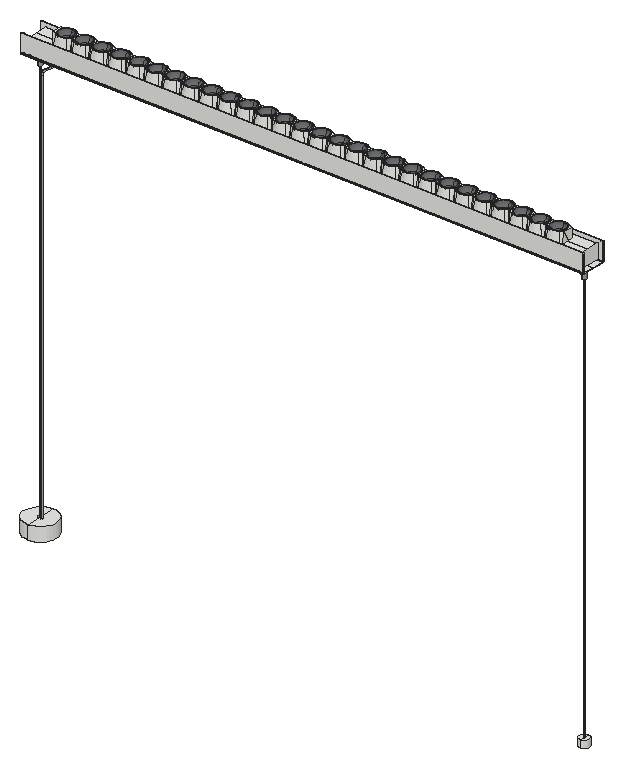
Revit family "Zumtobel IZURA", category Lighting Fixtures, host Face, Revit 2023
Family settings
  Host = Face
  Round Connector Dimension = Use Diameter
  Part Type = Normal
  Cut with Voids When Loaded = No
  Light Source = No
  Maintain Annotation Orientation = No
  Shared = No
  Room Calculation Point = Yes
Parameters (values of type "IZU D/I 10k-935 L12 LDE WH GWHD HWHD")
  URL = "https://www.zumtobel.com/com-en/products/product_popup.html?70512803"
  Type Image = IZURA-White-White.jpg
  Suspension Kit White = yes
  Suspension Kit Silver = no
  Suspension Kit Bronze = no
  Suspension Kit Black = no
  Suspension Height [instance] = 1000 mm
  SELECT SUSPENSION KIT COLOR = "SELECT SUSPENSION KIT COLOR"  # constant formula
  SELECT PLASTIC SHADES COLOR = "SELECT PLASTIC SHADES COLOR"  # constant formula
  SELECT HOUSING MATERIALS = "SELECT HOUSING MATERIALS"  # constant formula
  SELECT HOUSING LENGTH = "SELECT HOUSING LENGTH"  # constant formula
  SELECT GEARTRAY COLOR = "SELECT GEARTRAY COLOR"  # constant formula
  Power Factor = 0.99
  Plastic Shades White = yes
  Plastic Shades Black = no
  Offset [instance] = if(Suspension Height < 200 mm, 200 mm, if(Suspension Height > 3000 mm, 3000 mm, Suspension Height))  # 1000 mm
  Model = "70512803"
  Material Housing Cover Outer = Zumtobel-Aluminium-RAL 9003-Signal White
  Material Housing Cover Inner = Zumtobel-Aluminium-RAL 9003-Signal White
  Manufacturer = "Zumtobel Lighting"  # constant formula
  Luminaire Width = 56 mm  # constant formula
  Luminaire Length = if(Housing L12, 1233 mm, if(Housing L15, 1513 mm, 1233 mm))  # 1233 mm
  Luminaire Height = 56 mm  # constant formula
  Light Source Indirect = Zumtobel-Light Source-IZURA : 10k-935-IND
  Light Source Direct = Zumtobel-Light Source-IZURA : 10k-935-DIR
  Housing L15 = no
  Housing L12 = yes
  Geartray White = yes
  Geartray Black = no
  Description = "Pendant Luminaire"  # constant formula
  Default Elevation = 0 mm  # constant formula
  Assembly Code = "Pr_70_70_48_62"
  Apparent Load = 68.9 VA
Reference planes
  plane 1 "Center (Front/Back)": y = 0
  plane 2: z = 0
  plane 3 "Center (Left/Right)": x = 0
  plane 4: x = -616.5
  plane 5: x = 616.5
  plane 6: y = 28
  plane 7: y = -28
  plane 8: z = 1000
Lines and regions (mm)
  model lines, style "InvisibleLines"
    curve 1: line (-616.5, 250, 0) -> (-616.5, -250, 0)
    curve 2: line (616.5, 250, 0) -> (616.5, -250, 0)
Dimensions and locks
  equal spacing: plane 4, plane 3 "Center (Left/Right)", plane 5
  "Luminaire Length": plane 4 to plane 5
  equal spacing: plane 7, plane 1 "Center (Front/Back)", plane 6
  "Luminaire Width": plane 7 to plane 6
  "Offset": plane 8 to level
  aligned and locked: plane 2 to host face
  aligned and locked: level to host face
  aligned and locked: plane 3 "Center (Left/Right)" to nested 1
  aligned and locked: plane 1 "Center (Front/Back)" to nested 1
  aligned and locked: nested 1 to plane 8
  aligned and locked: plane 3 "Center (Left/Right)" to nested 3
  aligned and locked: plane 3 "Center (Left/Right)" to nested 4
  aligned and locked: plane 1 "Center (Front/Back)" to nested 4
  aligned and locked: plane 1 "Center (Front/Back)" to nested 3
  aligned and locked: plane 3 "Center (Left/Right)" to nested 5
  aligned and locked: plane 1 "Center (Front/Back)" to nested 5
  aligned and locked: curve 1 to plane 4
  aligned and locked: plane 5 to curve 2
Automatic sketch dimensions
  host sketch curve to host sketch curve = 2438.4 mm  (x2)
  plane 7 to curve 1 = 222 mm
  plane 7 to curve 2 = 222 mm
  plane 6 to curve 2 = 222 mm
  plane 6 to curve 1 = 222 mm
Nested families
  nested 1: "ZG-Zumtobel-Parts-IZURA-Housing" at (0, 0, 944) x (1, 0, 0) z (0, 0, -1), Material Housing Cover Outer <- "Material Housing Cover Outer", Material Housing Cover Inner <- "Material Housing Cover Inner", Geartray Black <- "Geartray Black", Geartray White <- "Geartray White", Plastic Shades Black <- "Plastic Shades Black", Plastic Shades White <- "Plastic Shades White", Suspension Kit Black <- "Suspension Kit Black", Suspension Kit Bronze <- "Suspension Kit Bronze", Suspension Kit Silver <- "Suspension Kit Silver", Suspension Kit White <- "Suspension Kit White", Suspension Height <- "Offset", Housing S <- "Housing L12", Housing M <- "Housing L15", type "00"
    with Visibility Geartray White yes, Visibility Geartray Black no, Type Plastic White none, Type Plastic Shades none, Type Plastic Black none, Suspension Kit White 3 Zumtobel IZURA Suspension Kit : SUSP KIT FEED 5X1,50 ASQ3 WH, Suspension Kit White 1 Zumtobel IZURA Suspension Kit : SUSP KIT FEED 5X1,50 ASQ1 WH, Suspension Kit White yes, Suspension Kit Silver 3 Zumtobel IZURA Suspension Kit : SUSP KIT FEED 5X1,50 ASQ3 SR, Suspension Kit Silver 1 Zumtobel IZURA Suspension Kit : SUSP KIT FEED 5X1,50 ASQ1 SR, Suspension Kit Silver no, Suspension Kit Bronze 3 Zumtobel IZURA Suspension Kit : SUSP KIT FEED 5X1,50 ASQ3 BZ, Suspension Kit Bronze 1 Zumtobel IZURA Suspension Kit : SUSP KIT FEED 5X1,50 ASQ1 BZ, Suspension Kit Bronze no, Suspension Kit Black 3 Zumtobel IZURA Suspension Kit : SUSP KIT FEED 5X1,50 ASQ3 BK, Suspension Kit Black 1 Zumtobel IZURA Suspension Kit : SUSP KIT FEED 5X1,50 ASQ1 BK, Suspension Kit Black no, Suspension Kit 3 Zumtobel IZURA Suspension Kit : SUSP KIT FEED 5X1,50 ASQ3 WH, Suspension Kit 1 Zumtobel IZURA Suspension Kit : SUSP KIT FEED 5X1,50 ASQ1 WH, Suspension Kit Zumtobel IZURA Suspension Kit : SUSP KIT FEED 5X1,50 ASQ1 WH, Suspension Height 1000 mm, Plastic Shades White yes, Plastic Shades Black no, Offset Suspension 944 mm, Offset 1000 mm, Material Housing Cover Outer Zumtobel-Aluminium-RAL 9003-Signal White, Material Housing Cover Inner Zumtobel-Aluminium-RAL 9003-Signal White, Housing S yes, Housing M no, H 1120 mm, Geartray White yes, Geartray Black no, Count 28, C 56 mm, B 56 mm, A 1233 mm
  nested 2: "Zumtobel IZURA Suspension Kit" at (-596.5, 0, 0) x (1, 0, 0) z (0, 0, -1), type "SUSP KIT FEED 5X1,50 ASQ1 WH"
    with Housing S yes, Housing M no, E 1193 mm, D 944 mm, B 70 mm, A 1233 mm
  nested 3: "Zumtobel-Light Source-IZURA" at (0, 0, 944) x (1, 0, 0) z (0, 0, -1), type <- "Light Source Indirect", type "10k-935-IND"
  nested 4: "Zumtobel-Light Source-IZURA" at (0, 0, 1000) x (1, 0, 0) z (0, 0, -1), type <- "Light Source Direct", type "10k-935-DIR"
  nested 5: "Zumtobel-Detail Items-IZURA" at (0, 0, 0), Housing S <- "Housing L12", Housing M <- "Housing L15", Geartray Black <- "Geartray Black", Geartray White <- "Geartray White", type "00"
    with Visibility Geartray White yes, Visibility Geartray Black no, Housing S yes, Housing M no, Geartray White yes, Geartray Black no, Count 28, A 1233 mm
Connectors
  electrical at (-596.5, 0, 0), driven by "Apparent Load", driven by "Power Factor"
    settings: on nested 2, index 1, voltage 230 V, apparent load 68.9 VA, apparent load phase1 0 VA, apparent load phase2 0 VA, apparent load phase3 0 VA, power factor 0.99, load classification "Lighting", number of poles 1, system type 30, power factor state 1, is connector primary yes, connector utility no, sub classification motor no, connector description ""
Definition of nested family "ZG-Zumtobel-Parts-IZURA-Housing"
  Parameters (values of type "00")
    Visibility Geartray White [instance] = and(not(Geartray Black), Geartray White)  # no
    Visibility Geartray Black [instance] = not(Visibility Geartray White)  # yes
    Type Plastic White [instance] = ZG-Zumtobel-Parts-IZURA-Reflector : White
    Type Plastic Shades [instance] = if(Plastic Shades Black, Type Plastic Black, if(Plastic Shades White, Type Plastic White, Type Plastic Black))  # ZG-Zumtobel-Parts-IZURA-Reflector : Black
    Type Plastic Black [instance] = ZG-Zumtobel-Parts-IZURA-Reflector : Black
    Suspension Kit White 3 [instance] = Zumtobel IZURA Suspension Kit : SUSP KIT FEED 5X1,50 ASQ3 WH
    Suspension Kit White 1 [instance] = Zumtobel IZURA Suspension Kit : SUSP KIT FEED 5X1,50 ASQ1 WH
    Suspension Kit White [instance] = no
    Suspension Kit Silver 3 [instance] = Zumtobel IZURA Suspension Kit : SUSP KIT FEED 5X1,50 ASQ3 SR
    Suspension Kit Silver 1 [instance] = Zumtobel IZURA Suspension Kit : SUSP KIT FEED 5X1,50 ASQ1 SR
    Suspension Kit Silver [instance] = no
    Suspension Kit Bronze 3 [instance] = Zumtobel IZURA Suspension Kit : SUSP KIT FEED 5X1,50 ASQ3 BZ
    Suspension Kit Bronze 1 [instance] = Zumtobel IZURA Suspension Kit : SUSP KIT FEED 5X1,50 ASQ1 BZ
    Suspension Kit Bronze [instance] = no
    Suspension Kit Black 3 [instance] = Zumtobel IZURA Suspension Kit : SUSP KIT FEED 5X1,50 ASQ3 BK
    Suspension Kit Black 1 [instance] = Zumtobel IZURA Suspension Kit : SUSP KIT FEED 5X1,50 ASQ1 BK
    Suspension Kit Black [instance] = no
    Suspension Kit 3 [instance] = if(Suspension Kit Black, Suspension Kit Black 3, if(Suspension Kit Bronze, Suspension Kit Bronze 3, if(Suspension Kit Silver, Suspension Kit Silver 3, if(Suspension Kit White, Suspension Kit White 3, Suspension Kit Black 3))))  # Zumtobel IZURA Suspension Kit : SUSP KIT FEED 5X1,50 ASQ3 BK
    Suspension Kit 1 [instance] = if(Suspension Kit Black, Suspension Kit Black 1, if(Suspension Kit Bronze, Suspension Kit Bronze 1, if(Suspension Kit Silver, Suspension Kit Silver 1, if(Suspension Kit White, Suspension Kit White 1, Suspension Kit Black 1))))  # Zumtobel IZURA Suspension Kit : SUSP KIT FEED 5X1,50 ASQ1 BK
    Suspension Kit [instance] = if(Suspension Height > 1000 mm, Suspension Kit 3, Suspension Kit 1)  # Zumtobel IZURA Suspension Kit : SUSP KIT FEED 5X1,50 ASQ1 BK
    Suspension Height [instance] = 500 mm
    Plastic Shades White [instance] = no
    Offset Suspension [instance] = Offset - 56 mm  # 444 mm
    Offset [instance] = if(Suspension Height < 200 mm, 200 mm, if(Suspension Height > 3000 mm, 3000 mm, Suspension Height))  # 500 mm
    Plastic Shades Black [instance] = no
    Geartray White [instance] = no
    Geartray Black [instance] = no
    Housing M [instance] = no
    Housing S [instance] = yes
    Material Housing Cover Outer [instance] = none
    Material Housing Cover Inner [instance] = none
    Manufacturer = "Zumtobel Lighting"  # constant formula
    H [instance] = if(Housing S, 1120 mm, if(Housing M, 1400 mm, 1120 mm))  # 1120 mm
    E = 1010 mm  # constant formula
    Default Elevation = 0 mm
    D = 42 mm  # constant formula
    Count [instance] = if(Housing S, 28, if(Housing M, 35, 28))  # 28
    C [instance] = 56 mm  # constant formula
    B [instance] = 56 mm  # constant formula
    A [instance] = if(Housing S, 1233 mm, if(Housing M, 1513 mm, 1233 mm))  # 1233 mm
  Reference planes
    plane 1 "Center (Front/Back)": y = 0
    plane 2: z = 0
    plane 3 "Center (Left/Right)": x = 0
    plane 4: x = -616.5
    plane 5: x = 616.5
    plane 6: z = -56
    plane 7: y = 28
    plane 8: y = -28
    plane 9: z = -42
    plane 10: x = -604.5
    plane 11: x = 604.5
    plane 12: x = -505
    plane 13: x = 505
    plane 14: y = 23
    plane 15: y = -23
    plane 16: x = -560
    plane 17: x = 560
    plane 18: x = -520
    plane 19: x = -596.5
    plane 20: z = 444
  Forms (mm)
    Extrusion 1, solid, visible <- "Visibility Geartray Black"
      sketch origin (0, 0, 0) x (0, 1, 0) y (0, 0, 1)
        loop
          arc (26, -3) -> (25.707, -2.293) -> (25, -2) r 1
          line (25, -2) -> (0, -2) -> (-25, -2)
          arc (-25, -2) -> (-25.707, -2.293) -> (-26, -3) r 1
          line (-26, -3) -> (-26, -33)
          arc (-26, -33) -> (-25.707, -33.707) -> (-25, -34) r 1
          line (-25, -34) -> (0, -34) -> (25, -34)
          arc (25, -34) -> (25.707, -33.707) -> (26, -33) r 1
          line (26, -33) -> (26, -3)
      from -604.5 to 604.5
    Extrusion 2, void
      sketch origin (0, 0, 0) x (1, 0, 0) y (0, 1, 0)
        loop
          line (-505, 23) -> (-505, -23) -> (505, -23) -> (505, 23) -> (-505, 23)
      from 10 to -7
    Extrusion 3, solid, material <- "Material Housing Cover Outer"
      sketch origin (0, 0, 0) x (0, 1, 0) y (0, 0, 1)
        loop
          line (25, 0) -> (0, 0) -> (-25, 0)
          arc (-25, 0) -> (-27.121, -0.879) -> (-28, -3) r 3
          line (-28, -3) -> (-28, -42) -> (-27, -42) -> (-27, -3)
          arc (-27, -3) -> (-26.414, -1.586) -> (-25, -1) r 2
          line (-25, -1) -> (0, -1) -> (25, -1)
          arc (25, -1) -> (26.414, -1.586) -> (27, -3) r 2
          line (27, -3) -> (27, -42) -> (28, -42) -> (28, -3)
          arc (28, -3) -> (27.121, -0.879) -> (25, 0) r 3
      from -616.5 to 616.5
    Extrusion 4, solid, material <- "Material Housing Cover Inner"
      sketch origin (0, 0, 0) x (0, 1, 0) y (0, 0, 1)
        loop
          line (25, -1) -> (0, -1) -> (-25, -1)
          arc (-25, -1) -> (-26.414, -1.586) -> (-27, -3) r 2
          line (-27, -3) -> (-27, -42) -> (-26, -42) -> (-26, -3)
          arc (-26, -3) -> (-25.707, -2.293) -> (-25, -2) r 1
          line (-25, -2) -> (0, -2) -> (25, -2)
          arc (25, -2) -> (25.707, -2.293) -> (26, -3) r 1
          line (26, -3) -> (26, -42) -> (27, -42) -> (27, -3)
          arc (27, -3) -> (26.414, -1.586) -> (25, -1) r 2
      from -616.5 to 616.5
    Extrusion 5, void
      sketch origin (0, 0, 0) x (1, 0, 0) y (0, 1, 0)
        loop
          line (-505, 23) -> (-505, -23) -> (505, -23) -> (505, 23) -> (-505, 23)
      from 10 to -50
    Sweep 6, solid, material <- "Material Housing Cover Outer"
      path origin (0, 0, 0) x (1, 0, 0) y (0, 1, 0)
        loop
          line (-505, 23) -> (-505, -23) -> (505, -23) -> (505, 23) -> (-505, 23)
      profile origin (0, 23, 0) x (0, 1, 0) y (0, 0, 1)
        loop
          line (0, 0) -> (-1, 0) -> (-1, -5) -> (0, -5) -> (0, 0)
    Extrusion 7, solid, material <- "Material Housing Cover Outer"
      sketch origin (0, 0, 0) x (0, 1, 0) y (0, 0, 1)
        loop
          line (22, 0) -> (16.804, -3) -> (16.804, -5) -> (0, -5) -> (-16.804, -5) -> (-16.804, -3) -> (-22, 0) -> (-22, -5) -> (-23, -5) -> (-23, -7) -> (0, -7) -> (23, -7) -> (23, -5) -> (22, -5) -> (22, 0)
      from -505 to 505
    Extrusion 8, solid
      sketch origin (0, 0, 0) x (0, 1, 0) y (0, 0, 1)
        loop
          line (16.804, -5) -> (16.804, -4) -> (9.644, -4)
          arc (9.644, -4) -> (0, -1) -> (-9.644, -4) r 17
          line (-9.644, -4) -> (-16.804, -4) -> (-16.804, -5) -> (0, -5) -> (16.804, -5)
      from -504 to 504
    Extrusion 9, solid, visible <- "Visibility Geartray White"
      sketch origin (0, 100, 0) x (0, 1, 0) y (0, 0, 1)
        loop
          arc (-74, -3) -> (-74.293, -2.293) -> (-75, -2) r 1
          line (-75, -2) -> (-100, -2) -> (-125, -2)
          arc (-125, -2) -> (-125.707, -2.293) -> (-126, -3) r 1
          line (-126, -3) -> (-126, -33)
          arc (-126, -33) -> (-125.707, -33.707) -> (-125, -34) r 1
          line (-125, -34) -> (-100, -34) -> (-75, -34)
          arc (-75, -34) -> (-74.293, -33.707) -> (-74, -33) r 1
          line (-74, -33) -> (-74, -3)
      from -604.5 to 604.5
  Cuts and joins
    Extrusion 2 cuts Extrusion 1
    Extrusion 5 cuts Extrusion 3
    joined: Extrusion 3, Sweep 6, Extrusion 7
    Extrusion 5 cuts Extrusion 4
    Extrusion 2 cuts Extrusion 9
  Dimensions and locks
    equal spacing: plane 4, plane 3 "Center (Left/Right)", plane 5
    "A": plane 4 to plane 5
    equal spacing: plane 7, plane 1 "Center (Front/Back)", plane 8
    "B": plane 7 to plane 8
    "C": level to plane 6
    "D": level to plane 9
    locked: plane 4 to plane 10 at 12
    locked: plane 5 to plane 11 at 12
    equal spacing: plane 12, plane 3 "Center (Left/Right)", plane 13
    "E": plane 12 to plane 13
    locked: plane 7 to plane 14 at 5
    locked: plane 8 to plane 15 at 5
    equal spacing: plane 16, plane 3 "Center (Left/Right)", plane 17
    "H": plane 16 to plane 17
    locked: plane 16 to plane 18 at 40
    equal spacing: group 1, group 2, group 3, group 4, group 5, group 6, group 7, group 8, group 9, group 10, group 11, group 12, group 13, group 14, group 15, group 16, group 17, group 18, group 19, group 20, group 21, group 22, group 23, group 24, group 25, group 26, group 27, group 28  (x3)
    locked: plane 4 to plane 19 at 20
    "Offset Suspension": plane 20 to level
    aligned and locked: level to plane 2
    aligned and locked: plane 11 to Extrusion 1
    aligned and locked: plane 10 to Extrusion 1
    aligned and locked: Extrusion 2 sketch curve to plane 14
    aligned and locked: plane 12 to Extrusion 2 sketch curve
    aligned and locked: Extrusion 2 sketch curve to plane 15
    aligned and locked: plane 13 to Extrusion 2 sketch curve
    aligned and locked: plane 1 "Center (Front/Back)" to nested 1
    aligned and locked: plane 1 "Center (Front/Back)" to nested 2
    aligned and locked: plane 4 to Extrusion 3
    aligned and locked: plane 4 to Extrusion 4
    aligned and locked: Extrusion 3 to plane 4
    aligned and locked: plane 5 to Extrusion 3
    aligned and locked: plane 5 to Extrusion 4
    aligned and locked: cut or joined group of Extrusion 3, Extrusion 5, Sweep 6, Extrusion 7 to plane 9  (x2)
    aligned and locked: cut or joined group of Extrusion 4, Extrusion 5 to plane 9  (x2)
    aligned and locked: nested 29 to plane 19
    aligned and locked: plane 1 "Center (Front/Back)" to nested 29
    aligned and locked: plane 10 to Extrusion 9
    aligned and locked: plane 11 to Extrusion 9
    aligned and locked: plane 18 to nested 2
    aligned and locked: plane 16 to nested 1
  Automatic sketch dimensions
    Extrusion 5 sketch curve to plane 12 = 0 mm
    Extrusion 5 sketch curve to plane 13 = 0 mm
    plane 15 to Extrusion 5 sketch curve = 0 mm
    Extrusion 5 sketch curve to plane 14 = 0 mm
    Sweep 6 sketch curve to plane 12 = 0 mm
    Sweep 6 sketch curve to plane 13 = 0 mm
    plane 15 to Sweep 6 sketch curve = 0 mm
    Sweep 6 sketch curve to plane 14 = 0 mm
    Sweep 6 sketch curve to profile plane = 0 mm  (x2)
    profile plane to Sweep 6 sketch curve = 1 mm
    Sweep 6 sketch curve to profile plane = 5 mm
    Extrusion 7 sketch curve to plane 15 = 0 mm
    Extrusion 7 sketch curve to level = 0 mm  (x2)
    Extrusion 7 sketch curve to plane 1 "Center (Front/Back)" = 0 mm  (x2)
    Extrusion 7 sketch curve to plane 14 = 0 mm
    Extrusion 7 sketch curve to plane 15 = 1 mm
    Extrusion 7 sketch curve to Extrusion 7 sketch curve = 5.196 mm
    Extrusion 7 sketch curve to level = 3 mm  (x2)
    Extrusion 7 sketch curve to plane 14 = 6.196 mm
    Extrusion 7 sketch curve to plane 14 = 1 mm
    Extrusion 7 sketch curve to Extrusion 7 sketch curve = 2 mm  (x2)
    Extrusion 7 sketch curve to Extrusion 7 sketch curve = 5 mm
    Extrusion 7 sketch curve to level = 5 mm
    Extrusion 8 sketch curve to plane 1 "Center (Front/Back)" = 0 mm  (x2)
    Extrusion 8 sketch curve to level = 4 mm  (x2)
    plane 1 "Center (Front/Back)" to Extrusion 8 sketch curve = 9.644 mm
    Extrusion 8 sketch curve to plane 15 = 6.196 mm
    Extrusion 8 sketch curve to plane 14 = 6.196 mm
    Extrusion 8 sketch curve to Extrusion 8 sketch curve = 1 mm
    Extrusion 8 sketch curve to Extrusion 8 sketch curve = 13 mm
    Extrusion 1 sketch curve to plane 1 "Center (Front/Back)" = 0 mm  (x2)
    plane 15 to Extrusion 1 sketch curve = 2 mm  (x2)
    Extrusion 1 sketch curve to Extrusion 1 sketch curve = 1 mm  (x2)
    plane 14 to Extrusion 1 sketch curve = 2 mm  (x2)
    plane 9 to Extrusion 1 sketch curve = 8 mm
    Extrusion 1 sketch curve to level = 3 mm
    Extrusion 3 sketch curve to Extrusion 3 sketch curve = 0 mm  (x4)
    Extrusion 3 sketch curve to plane 8 = 0 mm
    Extrusion 3 sketch curve to plane 9 = 0 mm  (x2)
    Extrusion 3 sketch curve to level = 0 mm
    Extrusion 3 sketch curve to plane 1 "Center (Front/Back)" = 0 mm  (x2)
    Extrusion 3 sketch curve to plane 7 = 0 mm
    Extrusion 3 sketch curve to Extrusion 3 sketch curve = 1 mm
    plane 15 to Extrusion 3 sketch curve = 2 mm
    Extrusion 3 sketch curve to Extrusion 3 sketch curve = 2 mm
    Extrusion 4 sketch curve to Extrusion 4 sketch curve = 0 mm  (x4)
    Extrusion 4 sketch curve to plane 9 = 0 mm  (x2)
    Extrusion 4 sketch curve to plane 1 "Center (Front/Back)" = 0 mm  (x2)
    plane 15 to Extrusion 4 sketch curve = 2 mm
    plane 8 to Extrusion 4 sketch curve = 2 mm
    Extrusion 4 sketch curve to Extrusion 4 sketch curve = 1 mm  (x2)
    plane 14 to Extrusion 4 sketch curve = 2 mm
    Extrusion 4 sketch curve to level = 3 mm
    Extrusion 9 sketch curve to plane 1 "Center (Front/Back)" = 0 mm  (x2)
    plane 15 to Extrusion 9 sketch curve = 2 mm  (x2)
    Extrusion 9 sketch curve to Extrusion 9 sketch curve = 1 mm  (x2)
    plane 14 to Extrusion 9 sketch curve = 2 mm  (x2)
    plane 9 to Extrusion 9 sketch curve = 8 mm
    Extrusion 9 sketch curve to level = 3 mm
  Nested families
    nested 1: "ZG-Zumtobel-Parts-IZURA-Reflector" at (-540, 0, 0), type <- "Type Plastic Shades", type "Black"
    nested 2: "ZG-Zumtobel-Parts-IZURA-Reflector" at (-500, 0, 0), type <- "Type Plastic Shades", type "Black"
    nested 3: "ZG-Zumtobel-Parts-IZURA-Reflector" at (-460, 0, 0), type <- "Type Plastic Shades", type "Black"
    nested 4: "ZG-Zumtobel-Parts-IZURA-Reflector" at (-420, 0, 0), type <- "Type Plastic Shades", type "Black"
    nested 5: "ZG-Zumtobel-Parts-IZURA-Reflector" at (-380, 0, 0), type <- "Type Plastic Shades", type "Black"
    nested 6: "ZG-Zumtobel-Parts-IZURA-Reflector" at (-340, 0, 0), type <- "Type Plastic Shades", type "Black"
    nested 7: "ZG-Zumtobel-Parts-IZURA-Reflector" at (-300, 0, 0), type <- "Type Plastic Shades", type "Black"
    nested 8: "ZG-Zumtobel-Parts-IZURA-Reflector" at (-260, 0, 0), type <- "Type Plastic Shades", type "Black"
    nested 9: "ZG-Zumtobel-Parts-IZURA-Reflector" at (-220, 0, 0), type <- "Type Plastic Shades", type "Black"
    nested 10: "ZG-Zumtobel-Parts-IZURA-Reflector" at (-180, 0, 0), type <- "Type Plastic Shades", type "Black"
    nested 11: "ZG-Zumtobel-Parts-IZURA-Reflector" at (-140, 0, 0), type <- "Type Plastic Shades", type "Black"
    nested 12: "ZG-Zumtobel-Parts-IZURA-Reflector" at (-100, 0, 0), type <- "Type Plastic Shades", type "Black"
    nested 13: "ZG-Zumtobel-Parts-IZURA-Reflector" at (-60, 0, 0), type <- "Type Plastic Shades", type "Black"
    nested 14: "ZG-Zumtobel-Parts-IZURA-Reflector" at (-20, 0, 0), type <- "Type Plastic Shades", type "Black"
    nested 15: "ZG-Zumtobel-Parts-IZURA-Reflector" at (20, 0, 0), type <- "Type Plastic Shades", type "Black"
    nested 16: "ZG-Zumtobel-Parts-IZURA-Reflector" at (60, 0, 0), type <- "Type Plastic Shades", type "Black"
    nested 17: "ZG-Zumtobel-Parts-IZURA-Reflector" at (100, 0, 0), type <- "Type Plastic Shades", type "Black"
    nested 18: "ZG-Zumtobel-Parts-IZURA-Reflector" at (140, 0, 0), type <- "Type Plastic Shades", type "Black"
    nested 19: "ZG-Zumtobel-Parts-IZURA-Reflector" at (180, 0, 0), type <- "Type Plastic Shades", type "Black"
    nested 20: "ZG-Zumtobel-Parts-IZURA-Reflector" at (220, 0, 0), type <- "Type Plastic Shades", type "Black"
    nested 21: "ZG-Zumtobel-Parts-IZURA-Reflector" at (260, 0, 0), type <- "Type Plastic Shades", type "Black"
    nested 22: "ZG-Zumtobel-Parts-IZURA-Reflector" at (300, 0, 0), type <- "Type Plastic Shades", type "Black"
    nested 23: "ZG-Zumtobel-Parts-IZURA-Reflector" at (340, 0, 0), type <- "Type Plastic Shades", type "Black"
    nested 24: "ZG-Zumtobel-Parts-IZURA-Reflector" at (380, 0, 0), type <- "Type Plastic Shades", type "Black"
    nested 25: "ZG-Zumtobel-Parts-IZURA-Reflector" at (420, 0, 0), type <- "Type Plastic Shades", type "Black"
    nested 26: "ZG-Zumtobel-Parts-IZURA-Reflector" at (460, 0, 0), type <- "Type Plastic Shades", type "Black"
    nested 27: "ZG-Zumtobel-Parts-IZURA-Reflector" at (500, 0, 0), type <- "Type Plastic Shades", type "Black"
    nested 28: "ZG-Zumtobel-Parts-IZURA-Reflector" at (540, 0, 0), type <- "Type Plastic Shades", type "Black"
    nested 29: "Zumtobel IZURA Suspension Kit" at (-596.5, 0, 444), Housing S <- "Housing S", Housing M <- "Housing M", D <- "Offset Suspension", type <- "Suspension Kit", type "SUSP KIT FEED 5X1,50 ASQ1 BK"
      with Housing S yes, Housing M no, E 1193 mm, D 444 mm, B 70 mm, A 1233 mm
  Definition of nested family "ZG-Zumtobel-Parts-IZURA-Reflector"
    Parameters (values of type "White")
      Material Plastic Shades = none
      Manufacturer = "Zumtobel Lighting"  # constant formula
      Default Elevation = 0 mm
    Types (2): name
      White
      Black
    Reference planes
      plane 1 "Center (Front/Back)": y = 0
      plane 2: z = 0
      plane 3 "Center (Left/Right)": x = 0
      plane 4: z = -56
      plane 5: z = -42
      plane 6: z = -34
      plane 7: x = -20
      plane 8: x = 20
    Forms (mm)
      Blend 1, solid, material <- "Material Plastic Shades"
        base sketch origin (540, 0, 0) x (1, 0, 0) y (0, 1, 0)
          loop
            arc (-520, 12.359) -> (-523.115, 12.979) -> (-525.756, 14.744) r 8.141
            arc (-525.756, 14.744) -> (-540, 20.5) -> (-554.244, 14.744) r 20.5
            arc (-554.244, 14.744) -> (-556.885, 12.979) -> (-560, 12.359) r 8.141
            line (-560, 12.359) -> (-560, 0) -> (-560, -12.359)
            arc (-560, -12.359) -> (-556.885, -12.979) -> (-554.244, -14.744) r 8.141
            arc (-554.244, -14.744) -> (-540, -20.5) -> (-525.756, -14.744) r 20.5
            arc (-525.756, -14.744) -> (-523.115, -12.979) -> (-520, -12.359) r 8.141
            line (-520, -12.359) -> (-520, 0) -> (-520, 12.359)
        top sketch origin (540, 0, 0) x (1, 0, 0) y (0, 1, 0)
          loop
            arc (-552.843, 13.316) -> (-556.128, 11.127) -> (-560, 10.359) r 10.141
            line (-560, 10.359) -> (-560, -10.359)
            arc (-560, -10.359) -> (-556.128, -11.127) -> (-552.843, -13.316) r 10.141
            arc (-552.843, -13.316) -> (-540, -18.5) -> (-527.157, -13.316) r 18.5
            arc (-527.157, -13.316) -> (-523.872, -11.127) -> (-520, -10.359) r 10.141
            line (-520, -10.359) -> (-520, 10.359)
            arc (-520, 10.359) -> (-523.872, 11.127) -> (-527.157, 13.316) r 10.141
            arc (-527.157, 13.316) -> (-540, 18.5) -> (-552.843, 13.316) r 18.5
        from -34 to -56
      Revolve 2, void
        sketch origin (0, 0, 0) x (0, 1, 0) y (0, 0, 1)
          loop
            arc (0, -72.5) -> (15.304, -62.167) -> (11.44, -44.11) r 16.5
            line (11.44, -44.11) -> (11.44, -38.414) -> (0, -38.414) -> (0, -72.5)
          axis (0, -38.414) -> (0, -72.5)
        angle from 0 to 360
      Revolve 3, solid
        sketch origin (0, 0, 0) x (0, 1, 0) y (0, 0, 1)
          loop
            arc (16.5, -56) -> (15.182, -49.539) -> (11.44, -44.11) r 16.5
            line (11.44, -44.11) -> (11.44, -38.414) -> (0, -38.414) -> (0, -39.414) -> (10.44, -39.414) -> (10.44, -44.543)
            arc (10.44, -44.543) -> (14.179, -49.738) -> (15.5, -56) r 15.5
            line (15.5, -56) -> (16.5, -56)
          axis (0, -38.414) -> (0, -56)
        angle from 0 to 360
      Revolve 4, solid
        sketch origin (0, 0, 0) x (0, 1, 0) y (0, 0, 1)
          loop
            line (10.44, -39.414) -> (0, -39.414) -> (0, -44.11)
            arc (0, -44.11) -> (5.724, -42.882) -> (10.44, -39.414) r 13.952
          axis (0, -39.414) -> (0, -44.11)
        angle from 0 to 360
    Cuts and joins
      Revolve 2 cuts Blend 1
    Dimensions and locks
      locked: level to plane 4 at 56
      locked: level to plane 5 at 42
      locked: level to plane 6 at 34
      aligned and locked: level to plane 2
  Definition of nested family "Zumtobel IZURA Suspension Kit"
    Parameters (values of type "SUSP KIT FEED 5X1,50 ASQ1 BK")
      URL = "https://www.zumtobel.com/com-en/products/product_popup.html?22171400"
      Type Image = element 34273
      Model = "22171400"
      Material Ceiling Rose = none
      Manufacturer = "Zumtobel Lighting"  # constant formula
      Housing S [instance] = no
      Housing M [instance] = no
      E [instance] = A - 40 mm  # 1193 mm
      Assembly Code = "Pr_70_70_48"
      A [instance] = if(Housing S, 1233 mm, if(Housing M, 1513 mm, 1233 mm))  # 1233 mm
      Description = "Luminaire suspension / installation kit"  # constant formula
      Default Elevation = 0 mm  # constant formula
      D [instance] = 500 mm
      B [instance] = 70 mm  # constant formula
    Types (8, lengths in mm): name | URL | Type Image | Model
      SUSP KIT FEED 5X1,50 ASQ1 BK | "https://www.zumtobel.com/com-en/products/product_popup.html?22171400" | element 34273 | "22171400"
      SUSP KIT FEED 5X1,50 ASQ1 BZ | "https://www.zumtobel.com/com-en/products/product_popup.html?22171402" | element 34271 | "22171402"
      SUSP KIT FEED 5X1,50 ASQ1 SR | "https://www.zumtobel.com/com-en/products/product_popup.html?22171398" | element 34275 | "22171398"
      SUSP KIT FEED 5X1,50 ASQ1 WH | "https://www.zumtobel.com/com-en/products/product_popup.html?22171396" | element 34277 | "22171396"
      SUSP KIT FEED 5X1,50 ASQ3 BK | "https://www.zumtobel.com/com-en/products/product_popup.html?22171401" | element 34273 | "22171401"
      SUSP KIT FEED 5X1,50 ASQ3 BZ | "https://www.zumtobel.com/com-en/products/product_popup.html?22171403" | element 34271 | "22171403"
      SUSP KIT FEED 5X1,50 ASQ3 SR | "https://www.zumtobel.com/com-en/products/product_popup.html?22171399" | element 34275 | "22171399"
      SUSP KIT FEED 5X1,50 ASQ3 WH | "https://www.zumtobel.com/com-en/products/product_popup.html?22171397" | element 34277 | "22171397"
    Reference planes
      plane 1 "Center (Front/Back)": y = 0
      plane 2: z = 0
      plane 3 "Center (Left/Right)": x = 0
      plane 4: z = -500
      plane 5: y = 35
      plane 6: y = -35
      plane 7: x = 3
      plane 8: x = 30
      plane 9: x = 1193
    Forms (mm)
      Sweep 1, solid
        path origin (0, 0, -25) x (0, 1, 0) y (0, 0, 1)
          loop
            line (0, 10) -> (0, -475)
        profile origin (0, 0, -257.5) x (1, 0, 0) y (0, 1, 0)
          loop
            circle (0, 0) r 0.9
      Extrusion 2, solid
        sketch origin (0, 95.369, -500) x (0, 1, 0) y (-1, 0, 0)
          loop
            circle (-95.369, 0) r 5
        from 0 to 25
      Revolve 3, solid, material <- "Material Ceiling Rose"
        sketch origin (0, 0, 0) x (0, 1, 0) y (0, 0, 1)
          loop
            line (35, -30) -> (35, 0) -> (0, 0) -> (0, -15) -> (5, -15) -> (5, -30) -> (35, -30)
          axis (0, 0) -> (0, -30)
        angle from 0 to 360
      Sweep 4, solid
        path origin (0, 0, 0) x (1, 0, 0) y (0, 0, 1)
          loop
            line (3, -15) -> (3, -456.913)
            arc (3, -456.913) -> (4.037, -461.347) -> (6.932, -464.861) r 10
            line (6.932, -464.861) -> (26.068, -479.472)
            arc (26.068, -479.472) -> (28.963, -482.987) -> (30, -487.42) r 10
            line (30, -487.42) -> (30, -500)
        profile origin (3, 0, -235.956) x (0, -1, 0) y (1, 0, 0)
          loop
            circle (0, 0) r 2
      Revolve 5, solid, material <- "Material Ceiling Rose"
        sketch origin (1193, 26.5, 2000) x (0, 1, 0) y (0, 0, 1)
          loop
            line (-15.6, -2000) -> (-26.5, -2000) -> (-26.5, -2015) -> (-15.6, -2015) -> (-15.6, -2000)
          axis (-26.5, -2000) -> (-26.5, -2015)
        angle from 0 to 360
      Sweep 6, solid
        path origin (1193, 26.5, 2000) x (0, 1, 0) y (0, 0, 1)
          loop
            line (-26.5, -2015) -> (-26.5, -2500)
        profile origin (1193, 0, -257.5) x (1, 0, 0) y (0, 1, 0)
          loop
            circle (0, 0) r 0.9
      Extrusion 7, solid
        sketch origin (1233, 95.369, -500) x (0, 1, 0) y (-1, 0, 0)
          loop
            circle (-95.369, 40) r 5
        from 0 to 25
    Cuts and joins
      joined: Sweep 1, Extrusion 2
    Dimensions and locks
      equal spacing: plane 5, plane 1 "Center (Front/Back)", plane 6
      "B": plane 5 to plane 6
      plane 3 "Center (Left/Right)" to plane 7 = 3 mm
      locked: plane 3 "Center (Left/Right)" to plane 8 at 30
      "D": level to plane 4
      "E": plane 9 to plane 3 "Center (Left/Right)"
      aligned and locked: level to plane 2
      aligned and locked: cut or joined group of Sweep 1, Extrusion 2 to plane 4
      aligned and locked: plane 5 to Revolve 3 sketch curve
      aligned and locked: plane 4 to Sweep 1 sketch curve
      aligned and locked: plane 9 to Extrusion 7 sketch curve
      aligned and locked: plane 1 "Center (Front/Back)" to Extrusion 7 sketch curve
      aligned and locked: plane 4 to Sweep 4 sketch curve
    Automatic sketch dimensions
      Sweep 1 sketch curve to plane 1 "Center (Front/Back)" = 0 mm
      Sweep 1 sketch curve to level = 15 mm
      Sweep 1 sketch curve to plane 3 "Center (Left/Right)" = 0 mm
      profile plane to Sweep 1 sketch curve = 0 mm
      plane 1 "Center (Front/Back)" to Extrusion 2 sketch curve = 0 mm
      Extrusion 2 sketch curve to plane 3 "Center (Left/Right)" = 0 mm
      Revolve 3 sketch curve to plane 1 "Center (Front/Back)" = 0 mm  (x2)
      Revolve 3 sketch curve to level = 0 mm
      Revolve 3 sketch curve to plane 1 "Center (Front/Back)" = 5 mm
      Revolve 3 sketch curve to Revolve 3 sketch curve = 15 mm
      Revolve 3 sketch curve to Revolve 3 sketch curve = 30 mm
      Revolve 3 sketch curve to plane 4 = 2824.635 mm
      level to Revolve 3 sketch curve = 2741.474 mm
      Sweep 4 sketch curve to plane 7 = 0 mm
      Sweep 4 sketch curve to plane 8 = 0 mm
      plane 7 to Sweep 4 sketch curve = 3.932 mm
      plane 7 to Sweep 4 sketch curve = 10 mm
      Sweep 4 sketch curve to Sweep 4 sketch curve = 10 mm
      Sweep 4 sketch curve to plane 8 = 3.932 mm
      plane 4 to Sweep 4 sketch curve = 12.58 mm
      Sweep 4 sketch curve to Sweep 4 sketch curve = 14.611 mm
      Sweep 4 sketch curve to level = 15 mm
      plane 1 "Center (Front/Back)" to Sweep 4 sketch curve = 0 mm
      Sweep 4 sketch curve to profile plane = 0 mm
      Revolve 5 sketch curve to plane 1 "Center (Front/Back)" = 0 mm  (x2)
      Revolve 5 sketch curve to level = 0 mm
      Revolve 5 sketch curve to plane 1 "Center (Front/Back)" = 10.9 mm
      Revolve 5 sketch curve to Revolve 5 sketch curve = 15 mm
      Revolve 5 sketch curve to plane 4 = 2824.635 mm
      level to Revolve 5 sketch curve = 2741.474 mm
      profile plane to Sweep 6 sketch curve = 0 mm
      Sweep 6 sketch curve to profile plane = 0 mm
      Sweep 6 sketch curve to plane 1 "Center (Front/Back)" = 0 mm
      Sweep 6 sketch curve to plane 4 = 0 mm
      Sweep 6 sketch curve to level = 15 mm
      radius of Sweep 1 sketch curve = 0.9 mm
      radius of Extrusion 2 sketch curve = 5 mm
      radius of Sweep 4 sketch curve = 2 mm
      radius of Sweep 6 sketch curve = 0.9 mm
      radius of Extrusion 7 sketch curve = 5 mm
Definition of nested family "Zumtobel IZURA Suspension Kit"
  Parameters (values of type "SUSP KIT FEED 5X1,50 ASQ1 BK")
    URL = "https://www.zumtobel.com/com-en/products/product_popup.html?22171400"
    Type Image = element 34273
    Model = "22171400"
    Material Ceiling Rose = none
    Manufacturer = "Zumtobel Lighting"  # constant formula
    Housing S [instance] = no
    Housing M [instance] = no
    E [instance] = A - 40 mm  # 1193 mm
    Assembly Code = "Pr_70_70_48"
    A [instance] = if(Housing S, 1233 mm, if(Housing M, 1513 mm, 1233 mm))  # 1233 mm
    Description = "Luminaire suspension / installation kit"  # constant formula
    Default Elevation = 0 mm  # constant formula
    D [instance] = 500 mm
    B [instance] = 70 mm  # constant formula
  Types (8, lengths in mm): name | URL | Type Image | Model
    SUSP KIT FEED 5X1,50 ASQ1 BK | "https://www.zumtobel.com/com-en/products/product_popup.html?22171400" | element 34273 | "22171400"
    SUSP KIT FEED 5X1,50 ASQ1 BZ | "https://www.zumtobel.com/com-en/products/product_popup.html?22171402" | element 34271 | "22171402"
    SUSP KIT FEED 5X1,50 ASQ1 SR | "https://www.zumtobel.com/com-en/products/product_popup.html?22171398" | element 34275 | "22171398"
    SUSP KIT FEED 5X1,50 ASQ1 WH | "https://www.zumtobel.com/com-en/products/product_popup.html?22171396" | element 34277 | "22171396"
    SUSP KIT FEED 5X1,50 ASQ3 BK | "https://www.zumtobel.com/com-en/products/product_popup.html?22171401" | element 34273 | "22171401"
    SUSP KIT FEED 5X1,50 ASQ3 BZ | "https://www.zumtobel.com/com-en/products/product_popup.html?22171403" | element 34271 | "22171403"
    SUSP KIT FEED 5X1,50 ASQ3 SR | "https://www.zumtobel.com/com-en/products/product_popup.html?22171399" | element 34275 | "22171399"
    SUSP KIT FEED 5X1,50 ASQ3 WH | "https://www.zumtobel.com/com-en/products/product_popup.html?22171397" | element 34277 | "22171397"
  Reference planes
    plane 1 "Center (Front/Back)": y = 0
    plane 2: z = 0
    plane 3 "Center (Left/Right)": x = 0
    plane 4: z = -500
    plane 5: y = 35
    plane 6: y = -35
    plane 7: x = 3
    plane 8: x = 30
    plane 9: x = 1193
  Forms (mm)
    Sweep 1, solid
      path origin (0, 0, -25) x (0, 1, 0) y (0, 0, 1)
        loop
          line (0, 10) -> (0, -475)
      profile origin (0, 0, -257.5) x (1, 0, 0) y (0, 1, 0)
        loop
          circle (0, 0) r 0.9
    Extrusion 2, solid
      sketch origin (0, 95.369, -500) x (0, 1, 0) y (-1, 0, 0)
        loop
          circle (-95.369, 0) r 5
      from 0 to 25
    Revolve 3, solid, material <- "Material Ceiling Rose"
      sketch origin (0, 0, 0) x (0, 1, 0) y (0, 0, 1)
        loop
          line (35, -30) -> (35, 0) -> (0, 0) -> (0, -15) -> (5, -15) -> (5, -30) -> (35, -30)
        axis (0, 0) -> (0, -30)
      angle from 0 to 360
    Sweep 4, solid
      path origin (0, 0, 0) x (1, 0, 0) y (0, 0, 1)
        loop
          line (3, -15) -> (3, -456.913)
          arc (3, -456.913) -> (4.037, -461.347) -> (6.932, -464.861) r 10
          line (6.932, -464.861) -> (26.068, -479.472)
          arc (26.068, -479.472) -> (28.963, -482.987) -> (30, -487.42) r 10
          line (30, -487.42) -> (30, -500)
      profile origin (3, 0, -235.956) x (0, -1, 0) y (1, 0, 0)
        loop
          circle (0, 0) r 2
    Revolve 5, solid, material <- "Material Ceiling Rose"
      sketch origin (1193, 26.5, 2000) x (0, 1, 0) y (0, 0, 1)
        loop
          line (-15.6, -2000) -> (-26.5, -2000) -> (-26.5, -2015) -> (-15.6, -2015) -> (-15.6, -2000)
        axis (-26.5, -2000) -> (-26.5, -2015)
      angle from 0 to 360
    Sweep 6, solid
      path origin (1193, 26.5, 2000) x (0, 1, 0) y (0, 0, 1)
        loop
          line (-26.5, -2015) -> (-26.5, -2500)
      profile origin (1193, 0, -257.5) x (1, 0, 0) y (0, 1, 0)
        loop
          circle (0, 0) r 0.9
    Extrusion 7, solid
      sketch origin (1233, 95.369, -500) x (0, 1, 0) y (-1, 0, 0)
        loop
          circle (-95.369, 40) r 5
      from 0 to 25
  Cuts and joins
    joined: Sweep 1, Extrusion 2
  Dimensions and locks
    equal spacing: plane 5, plane 1 "Center (Front/Back)", plane 6
    "B": plane 5 to plane 6
    plane 3 "Center (Left/Right)" to plane 7 = 3 mm
    locked: plane 3 "Center (Left/Right)" to plane 8 at 30
    "D": level to plane 4
    "E": plane 9 to plane 3 "Center (Left/Right)"
    aligned and locked: level to plane 2
    aligned and locked: cut or joined group of Sweep 1, Extrusion 2 to plane 4
    aligned and locked: plane 5 to Revolve 3 sketch curve
    aligned and locked: plane 4 to Sweep 1 sketch curve
    aligned and locked: plane 9 to Extrusion 7 sketch curve
    aligned and locked: plane 1 "Center (Front/Back)" to Extrusion 7 sketch curve
    aligned and locked: plane 4 to Sweep 4 sketch curve
  Automatic sketch dimensions
    Sweep 1 sketch curve to plane 1 "Center (Front/Back)" = 0 mm
    Sweep 1 sketch curve to level = 15 mm
    Sweep 1 sketch curve to plane 3 "Center (Left/Right)" = 0 mm
    profile plane to Sweep 1 sketch curve = 0 mm
    plane 1 "Center (Front/Back)" to Extrusion 2 sketch curve = 0 mm
    Extrusion 2 sketch curve to plane 3 "Center (Left/Right)" = 0 mm
    Revolve 3 sketch curve to plane 1 "Center (Front/Back)" = 0 mm  (x2)
    Revolve 3 sketch curve to level = 0 mm
    Revolve 3 sketch curve to plane 1 "Center (Front/Back)" = 5 mm
    Revolve 3 sketch curve to Revolve 3 sketch curve = 15 mm
    Revolve 3 sketch curve to Revolve 3 sketch curve = 30 mm
    Revolve 3 sketch curve to plane 4 = 2824.635 mm
    level to Revolve 3 sketch curve = 2741.474 mm
    Sweep 4 sketch curve to plane 7 = 0 mm
    Sweep 4 sketch curve to plane 8 = 0 mm
    plane 7 to Sweep 4 sketch curve = 3.932 mm
    plane 7 to Sweep 4 sketch curve = 10 mm
    Sweep 4 sketch curve to Sweep 4 sketch curve = 10 mm
    Sweep 4 sketch curve to plane 8 = 3.932 mm
    plane 4 to Sweep 4 sketch curve = 12.58 mm
    Sweep 4 sketch curve to Sweep 4 sketch curve = 14.611 mm
    Sweep 4 sketch curve to level = 15 mm
    plane 1 "Center (Front/Back)" to Sweep 4 sketch curve = 0 mm
    Sweep 4 sketch curve to profile plane = 0 mm
    Revolve 5 sketch curve to plane 1 "Center (Front/Back)" = 0 mm  (x2)
    Revolve 5 sketch curve to level = 0 mm
    Revolve 5 sketch curve to plane 1 "Center (Front/Back)" = 10.9 mm
    Revolve 5 sketch curve to Revolve 5 sketch curve = 15 mm
    Revolve 5 sketch curve to plane 4 = 2824.635 mm
    level to Revolve 5 sketch curve = 2741.474 mm
    profile plane to Sweep 6 sketch curve = 0 mm
    Sweep 6 sketch curve to profile plane = 0 mm
    Sweep 6 sketch curve to plane 1 "Center (Front/Back)" = 0 mm
    Sweep 6 sketch curve to plane 4 = 0 mm
    Sweep 6 sketch curve to level = 15 mm
    radius of Sweep 1 sketch curve = 0.9 mm
    radius of Extrusion 2 sketch curve = 5 mm
    radius of Sweep 4 sketch curve = 2 mm
    radius of Sweep 6 sketch curve = 0.9 mm
    radius of Extrusion 7 sketch curve = 5 mm
Definition of nested family "Zumtobel-Light Source-IZURA"
  Parameters (values of type "10k-935-DIR")
    Wattage = 27.4834 W
    built-in parameter 1150110 = 1 (stored number, unit not read)
    built-in parameter 1114217 = 1 (stored number, unit not read)
    Tilt Angle = 90.00°  # constant formula
    built-in parameter 1150109 = 1 (stored number, unit not read)
    built-in parameter 1150134 = (empty or 0)
    built-in parameter 1150113 = 1 (stored number, unit not read)
    Photometric Web File = "IZURA Direct.IES"
    Model = "Light Source"  # constant formula
    Manufacturer = "Zumtobel Lighting"  # constant formula
    Lumens = 4150 lm
    built-in parameter 1150115 = 1 (stored number, unit not read)
    built-in parameter 1150105 = 330.25 (stored number, unit not read)
    built-in parameter 1150137 = (empty or 0)
    built-in parameter 1150139 = (empty or 0)
    built-in parameter 1150112 = 1 (stored number, unit not read)
    built-in parameter 1150114 = 1 (stored number, unit not read)
    Lamp = "LED"
    built-in parameter 1150132 = 2
    built-in parameter 1150102 = (empty or 0)
    built-in parameter 1150138 = (empty or 0)
    built-in parameter 1150107 = 3500 (stored number, unit not read)
    built-in parameter 1150106 = 3.3025 (stored number, unit not read)
    Emit from Rectangle Width = 31 mm
    Emit from Rectangle Length = 1111 mm
    Emit Shape Visible in Rendering = 0 > 1  # no
    built-in parameter 1150104 = 14.028 (stored number, unit not read)
    Dimming Lamp Color Temperature Shift = (empty or 0)
    Default Elevation = 0 mm
    Color Filter = 16777215
    built-in parameter 1114218 = 1 (stored number, unit not read)
    built-in parameter 1150133 = 10 (stored number, unit not read)
    Apparent Load = 150 VA
  Types (4, lengths in mm): name | Wattage | Photometric Web File | Lumens | built-in parameter 1150105 | built-in parameter 1150106 | Emit from Rectangle Width | Emit from Rectangle Length | built-in parameter 1150104 | Apparent Load
    10k-935-IND | 41.5333 W | "IZURA Indirect.ies" | 6230 lm | 495.77 (stored number, unit not read) | 4.9577 (stored number, unit not read) | 44 | 1008 | 13.935 (stored number, unit not read) | 150 VA
    10k-935-DIR | 27.4834 W | "IZURA Direct.IES" | 4150 lm | 330.25 (stored number, unit not read) | 3.3025 (stored number, unit not read) | 31 | 1111 | 14.028 (stored number, unit not read) | 150 VA
    12k5-935-DIR | 34.4143 W | "IZURA Direct.IES" | 4818 lm | 383.4 (stored number, unit not read) | 3.834 (stored number, unit not read) | 31 | 1391 | 13.006 (stored number, unit not read) | 34.4 VA
    12k5-935-IND | 52.5782 W | "IZURA Indirect.ies" | 7729 lm | 615.05 (stored number, unit not read) | 6.1505 (stored number, unit not read) | 44 | 1008 | 13.657 (stored number, unit not read) | 52.7 VA
  Reference planes
    plane 1 "Light Source Axis (F/B)": y = 0
    plane 2: z = 0
    plane 3 "Light Source Axis (L/R)": x = 0
    plane 4 "Light Source Elevation": z = 0
  Lines and regions (mm)
    model lines
      curve 1: line (0, 0, 0) -> (-25, 0, 0)
      curve 2: line (0, 0, 0) -> (25, 0, 0)
  Dimensions and locks
    aligned and locked: plane 4 "Light Source Elevation" to imposter light
    aligned and locked: level to plane 2
    aligned and locked: plane 4 "Light Source Elevation" to plane 2
    aligned and locked: plane 1 "Light Source Axis (F/B)" to imposter light
    aligned and locked: plane 3 "Light Source Axis (L/R)" to imposter light
Definition of nested family "Zumtobel-Detail Items-IZURA"
  Parameters (values of type "00")
    Visibility Geartray White [instance] = and(not(Geartray Black), Geartray White)  # yes
    Visibility Geartray Black [instance] = not(Visibility Geartray White)  # no
    Model = "IZURA"  # constant formula
    Manufacturer = "Zumtobel Lighting"  # constant formula
    Housing S [instance] = yes
    Housing M [instance] = no
    Geartray White [instance] = yes
    Geartray Black [instance] = no
    Count [instance] = if(Housing S, 28, if(Housing M, 35, 28))  # 28
    B = 56 mm  # constant formula
    A [instance] = if(Housing S, 1233 mm, if(Housing M, 1513 mm, 1233 mm))  # 1233 mm
  Reference planes
    plane 1 "Center (Front/Back)": y = 0
    plane 2: z = 0
    plane 3 "Center (Left/Right)": x = 0
    plane 4: x = -616.5
    plane 5: x = 616.5
    plane 6: y = 28
    plane 7: y = -28
    plane 8: x = -560
    plane 9: x = -604.5
    plane 10: x = -520
    plane 11: x = 604.5
  Lines and regions (mm)
    Filled region 1, type "White", in view "Ref. Level"
      outline origin (0, 0, 0) x (1, 0, 0) y (0, 1, 0)
        loop
          line (-616.5, 28) -> (-616.5, -28) -> (616.5, -28) -> (616.5, 28) -> (-616.5, 28)
    Filled region 2, type "Black 50 50 50", in view "Ref. Level", visible <- "Visibility Geartray Black"
      outline origin (0, 40, 0) x (1, 0, 0) y (0, 1, 0)
        loop
          line (-616.5, -12) -> (-616.5, -68) -> (616.5, -68) -> (616.5, -12) -> (-616.5, -12)
    Filled region 3, type "White", in view "Ref. Level"
      outline origin (-43.642, 0, 0) x (1, 0, 0) y (0, 1, 0)
        loop
          arc (-516.358, -12.359) -> (-513.242, -12.979) -> (-510.601, -14.744) r 8.141
          arc (-510.601, -14.744) -> (-496.358, -20.5) -> (-482.114, -14.744) r 20.5
          arc (-482.114, -14.744) -> (-479.473, -12.979) -> (-476.358, -12.359) r 8.141
          line (-476.358, -12.359) -> (-476.358, 12.359)
          arc (-476.358, 12.359) -> (-479.473, 12.979) -> (-482.114, 14.744) r 8.141
          arc (-482.114, 14.744) -> (-496.358, 20.5) -> (-510.601, 14.744) r 20.5
          arc (-510.601, 14.744) -> (-513.242, 12.979) -> (-516.358, 12.359) r 8.141
          line (-516.358, 12.359) -> (-516.358, -12.359)
    Filled region 4, type "White", in view "Ref. Level"
      outline origin (-43.642, 0, 0) x (1, 0, 0) y (0, 1, 0)
        loop
          arc (-476.358, -12.359) -> (-473.242, -12.979) -> (-470.601, -14.744) r 8.141
          arc (-470.601, -14.744) -> (-456.358, -20.5) -> (-442.114, -14.744) r 20.5
          arc (-442.114, -14.744) -> (-439.473, -12.979) -> (-436.358, -12.359) r 8.141
          line (-436.358, -12.359) -> (-436.358, 12.359)
          arc (-436.358, 12.359) -> (-439.473, 12.979) -> (-442.114, 14.744) r 8.141
          arc (-442.114, 14.744) -> (-456.358, 20.5) -> (-470.601, 14.744) r 20.5
          arc (-470.601, 14.744) -> (-473.242, 12.979) -> (-476.358, 12.359) r 8.141
          line (-476.358, 12.359) -> (-476.358, -12.359)
    Filled region 5, type "White", in view "Ref. Level"
      outline origin (-43.642, 0, 0) x (1, 0, 0) y (0, 1, 0)
        loop
          arc (-436.358, -12.359) -> (-433.242, -12.979) -> (-430.601, -14.744) r 8.141
          arc (-430.601, -14.744) -> (-416.358, -20.5) -> (-402.114, -14.744) r 20.5
          arc (-402.114, -14.744) -> (-399.473, -12.979) -> (-396.358, -12.359) r 8.141
          line (-396.358, -12.359) -> (-396.358, 12.359)
          arc (-396.358, 12.359) -> (-399.473, 12.979) -> (-402.114, 14.744) r 8.141
          arc (-402.114, 14.744) -> (-416.358, 20.5) -> (-430.601, 14.744) r 20.5
          arc (-430.601, 14.744) -> (-433.242, 12.979) -> (-436.358, 12.359) r 8.141
          line (-436.358, 12.359) -> (-436.358, -12.359)
    Filled region 6, type "White", in view "Ref. Level"
      outline origin (-43.642, 0, 0) x (1, 0, 0) y (0, 1, 0)
        loop
          arc (-396.358, -12.359) -> (-393.242, -12.979) -> (-390.601, -14.744) r 8.141
          arc (-390.601, -14.744) -> (-376.358, -20.5) -> (-362.114, -14.744) r 20.5
          arc (-362.114, -14.744) -> (-359.473, -12.979) -> (-356.358, -12.359) r 8.141
          line (-356.358, -12.359) -> (-356.358, 12.359)
          arc (-356.358, 12.359) -> (-359.473, 12.979) -> (-362.114, 14.744) r 8.141
          arc (-362.114, 14.744) -> (-376.358, 20.5) -> (-390.601, 14.744) r 20.5
          arc (-390.601, 14.744) -> (-393.242, 12.979) -> (-396.358, 12.359) r 8.141
          line (-396.358, 12.359) -> (-396.358, -12.359)
    Filled region 7, type "White", in view "Ref. Level"
      outline origin (-43.642, 0, 0) x (1, 0, 0) y (0, 1, 0)
        loop
          arc (-356.358, -12.359) -> (-353.242, -12.979) -> (-350.601, -14.744) r 8.141
          arc (-350.601, -14.744) -> (-336.358, -20.5) -> (-322.114, -14.744) r 20.5
          arc (-322.114, -14.744) -> (-319.473, -12.979) -> (-316.358, -12.359) r 8.141
          line (-316.358, -12.359) -> (-316.358, 12.359)
          arc (-316.358, 12.359) -> (-319.473, 12.979) -> (-322.114, 14.744) r 8.141
          arc (-322.114, 14.744) -> (-336.358, 20.5) -> (-350.601, 14.744) r 20.5
          arc (-350.601, 14.744) -> (-353.242, 12.979) -> (-356.358, 12.359) r 8.141
          line (-356.358, 12.359) -> (-356.358, -12.359)
    Filled region 8, type "White", in view "Ref. Level"
      outline origin (-43.642, 0, 0) x (1, 0, 0) y (0, 1, 0)
        loop
          arc (-316.358, -12.359) -> (-313.242, -12.979) -> (-310.601, -14.744) r 8.141
          arc (-310.601, -14.744) -> (-296.358, -20.5) -> (-282.114, -14.744) r 20.5
          arc (-282.114, -14.744) -> (-279.473, -12.979) -> (-276.358, -12.359) r 8.141
          line (-276.358, -12.359) -> (-276.358, 12.359)
          arc (-276.358, 12.359) -> (-279.473, 12.979) -> (-282.114, 14.744) r 8.141
          arc (-282.114, 14.744) -> (-296.358, 20.5) -> (-310.601, 14.744) r 20.5
          arc (-310.601, 14.744) -> (-313.242, 12.979) -> (-316.358, 12.359) r 8.141
          line (-316.358, 12.359) -> (-316.358, -12.359)
    Filled region 9, type "White", in view "Ref. Level"
      outline origin (-43.642, 0, 0) x (1, 0, 0) y (0, 1, 0)
        loop
          arc (-276.358, -12.359) -> (-273.242, -12.979) -> (-270.601, -14.744) r 8.141
          arc (-270.601, -14.744) -> (-256.358, -20.5) -> (-242.114, -14.744) r 20.5
          arc (-242.114, -14.744) -> (-239.473, -12.979) -> (-236.358, -12.359) r 8.141
          line (-236.358, -12.359) -> (-236.358, 12.359)
          arc (-236.358, 12.359) -> (-239.473, 12.979) -> (-242.114, 14.744) r 8.141
          arc (-242.114, 14.744) -> (-256.358, 20.5) -> (-270.601, 14.744) r 20.5
          arc (-270.601, 14.744) -> (-273.242, 12.979) -> (-276.358, 12.359) r 8.141
          line (-276.358, 12.359) -> (-276.358, -12.359)
    Filled region 10, type "White", in view "Ref. Level"
      outline origin (-43.642, 0, 0) x (1, 0, 0) y (0, 1, 0)
        loop
          arc (-236.358, -12.359) -> (-233.242, -12.979) -> (-230.601, -14.744) r 8.141
          arc (-230.601, -14.744) -> (-216.358, -20.5) -> (-202.114, -14.744) r 20.5
          arc (-202.114, -14.744) -> (-199.473, -12.979) -> (-196.358, -12.359) r 8.141
          line (-196.358, -12.359) -> (-196.358, 12.359)
          arc (-196.358, 12.359) -> (-199.473, 12.979) -> (-202.114, 14.744) r 8.141
          arc (-202.114, 14.744) -> (-216.358, 20.5) -> (-230.601, 14.744) r 20.5
          arc (-230.601, 14.744) -> (-233.242, 12.979) -> (-236.358, 12.359) r 8.141
          line (-236.358, 12.359) -> (-236.358, -12.359)
    Filled region 11, type "White", in view "Ref. Level"
      outline origin (-43.642, 0, 0) x (1, 0, 0) y (0, 1, 0)
        loop
          arc (-196.358, -12.359) -> (-193.242, -12.979) -> (-190.601, -14.744) r 8.141
          arc (-190.601, -14.744) -> (-176.358, -20.5) -> (-162.114, -14.744) r 20.5
          arc (-162.114, -14.744) -> (-159.473, -12.979) -> (-156.358, -12.359) r 8.141
          line (-156.358, -12.359) -> (-156.358, 12.359)
          arc (-156.358, 12.359) -> (-159.473, 12.979) -> (-162.114, 14.744) r 8.141
          arc (-162.114, 14.744) -> (-176.358, 20.5) -> (-190.601, 14.744) r 20.5
          arc (-190.601, 14.744) -> (-193.242, 12.979) -> (-196.358, 12.359) r 8.141
          line (-196.358, 12.359) -> (-196.358, -12.359)
    Filled region 12, type "White", in view "Ref. Level"
      outline origin (-43.642, 0, 0) x (1, 0, 0) y (0, 1, 0)
        loop
          arc (-156.358, -12.359) -> (-153.242, -12.979) -> (-150.601, -14.744) r 8.141
          arc (-150.601, -14.744) -> (-136.358, -20.5) -> (-122.114, -14.744) r 20.5
          arc (-122.114, -14.744) -> (-119.473, -12.979) -> (-116.358, -12.359) r 8.141
          line (-116.358, -12.359) -> (-116.358, 12.359)
          arc (-116.358, 12.359) -> (-119.473, 12.979) -> (-122.114, 14.744) r 8.141
          arc (-122.114, 14.744) -> (-136.358, 20.5) -> (-150.601, 14.744) r 20.5
          arc (-150.601, 14.744) -> (-153.242, 12.979) -> (-156.358, 12.359) r 8.141
          line (-156.358, 12.359) -> (-156.358, -12.359)
    Filled region 13, type "White", in view "Ref. Level"
      outline origin (-43.642, 0, 0) x (1, 0, 0) y (0, 1, 0)
        loop
          arc (-116.358, -12.359) -> (-113.242, -12.979) -> (-110.601, -14.744) r 8.141
          arc (-110.601, -14.744) -> (-96.358, -20.5) -> (-82.114, -14.744) r 20.5
          arc (-82.114, -14.744) -> (-79.473, -12.979) -> (-76.358, -12.359) r 8.141
          line (-76.358, -12.359) -> (-76.358, 12.359)
          arc (-76.358, 12.359) -> (-79.473, 12.979) -> (-82.114, 14.744) r 8.141
          arc (-82.114, 14.744) -> (-96.358, 20.5) -> (-110.601, 14.744) r 20.5
          arc (-110.601, 14.744) -> (-113.242, 12.979) -> (-116.358, 12.359) r 8.141
          line (-116.358, 12.359) -> (-116.358, -12.359)
    Filled region 14, type "White", in view "Ref. Level"
      outline origin (-43.642, 0, 0) x (1, 0, 0) y (0, 1, 0)
        loop
          arc (-76.358, -12.359) -> (-73.242, -12.979) -> (-70.601, -14.744) r 8.141
          arc (-70.601, -14.744) -> (-56.358, -20.5) -> (-42.114, -14.744) r 20.5
          arc (-42.114, -14.744) -> (-39.473, -12.979) -> (-36.358, -12.359) r 8.141
          line (-36.358, -12.359) -> (-36.358, 12.359)
          arc (-36.358, 12.359) -> (-39.473, 12.979) -> (-42.114, 14.744) r 8.141
          arc (-42.114, 14.744) -> (-56.358, 20.5) -> (-70.601, 14.744) r 20.5
          arc (-70.601, 14.744) -> (-73.242, 12.979) -> (-76.358, 12.359) r 8.141
          line (-76.358, 12.359) -> (-76.358, -12.359)
    Filled region 15, type "White", in view "Ref. Level"
      outline origin (-43.642, 0, 0) x (1, 0, 0) y (0, 1, 0)
        loop
          arc (-36.358, -12.359) -> (-33.242, -12.979) -> (-30.601, -14.744) r 8.141
          arc (-30.601, -14.744) -> (-16.358, -20.5) -> (-2.114, -14.744) r 20.5
          arc (-2.114, -14.744) -> (0.527, -12.979) -> (3.642, -12.359) r 8.141
          line (3.642, -12.359) -> (3.642, 12.359)
          arc (3.642, 12.359) -> (0.527, 12.979) -> (-2.114, 14.744) r 8.141
          arc (-2.114, 14.744) -> (-16.358, 20.5) -> (-30.601, 14.744) r 20.5
          arc (-30.601, 14.744) -> (-33.242, 12.979) -> (-36.358, 12.359) r 8.141
          line (-36.358, 12.359) -> (-36.358, -12.359)
    Filled region 16, type "White", in view "Ref. Level"
      outline origin (-43.642, 0, 0) x (1, 0, 0) y (0, 1, 0)
        loop
          arc (3.642, -12.359) -> (6.758, -12.979) -> (9.399, -14.744) r 8.141
          arc (9.399, -14.744) -> (23.642, -20.5) -> (37.886, -14.744) r 20.5
          arc (37.886, -14.744) -> (40.527, -12.979) -> (43.642, -12.359) r 8.141
          line (43.642, -12.359) -> (43.642, 12.359)
          arc (43.642, 12.359) -> (40.527, 12.979) -> (37.886, 14.744) r 8.141
          arc (37.886, 14.744) -> (23.642, 20.5) -> (9.399, 14.744) r 20.5
          arc (9.399, 14.744) -> (6.758, 12.979) -> (3.642, 12.359) r 8.141
          line (3.642, 12.359) -> (3.642, -12.359)
    Filled region 17, type "White", in view "Ref. Level"
      outline origin (-43.642, 0, 0) x (1, 0, 0) y (0, 1, 0)
        loop
          arc (43.642, -12.359) -> (46.758, -12.979) -> (49.399, -14.744) r 8.141
          arc (49.399, -14.744) -> (63.642, -20.5) -> (77.886, -14.744) r 20.5
          arc (77.886, -14.744) -> (80.527, -12.979) -> (83.642, -12.359) r 8.141
          line (83.642, -12.359) -> (83.642, 12.359)
          arc (83.642, 12.359) -> (80.527, 12.979) -> (77.886, 14.744) r 8.141
          arc (77.886, 14.744) -> (63.642, 20.5) -> (49.399, 14.744) r 20.5
          arc (49.399, 14.744) -> (46.758, 12.979) -> (43.642, 12.359) r 8.141
          line (43.642, 12.359) -> (43.642, -12.359)
    Filled region 18, type "White", in view "Ref. Level"
      outline origin (-43.642, 0, 0) x (1, 0, 0) y (0, 1, 0)
        loop
          arc (83.642, -12.359) -> (86.758, -12.979) -> (89.399, -14.744) r 8.141
          arc (89.399, -14.744) -> (103.642, -20.5) -> (117.886, -14.744) r 20.5
          arc (117.886, -14.744) -> (120.527, -12.979) -> (123.642, -12.359) r 8.141
          line (123.642, -12.359) -> (123.642, 12.359)
          arc (123.642, 12.359) -> (120.527, 12.979) -> (117.886, 14.744) r 8.141
          arc (117.886, 14.744) -> (103.642, 20.5) -> (89.399, 14.744) r 20.5
          arc (89.399, 14.744) -> (86.758, 12.979) -> (83.642, 12.359) r 8.141
